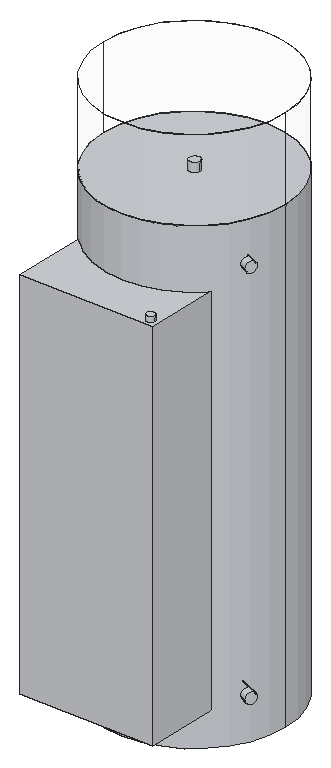
Revit family
Parameters (values of type "HS(Voltage)54 050 1 Phase")
  Wattage = KW * 1000 VA  # 54000 VA
  Water inlet length = Radius + 1"  # 11 7/8"
  VOLTAGE = 208 V
  Total Amps = KW * 1000 V / VOLTAGE  # 259.6154
  Top Clearance = 9 3/4"
  SES BIM Studio # = "201264902-41"
  URL = "http://www.lochinvar.com/products/Default.aspx?type=ProductLine&lineID=30"
  Panel Width = B_DIAMETER - 6"  # 15 3/4"
  Panel Depth = 13 7/8"
  Number of Poles = 2
  Model = "HS (X) 54 050"
  Manufacturer = "Lochinvar"
  MODEL NO. = "HS (Voltage) 54 050"
  KW = 54
  GALLON CAPACITY = "50"
  C_OVERALL DEPTH = 27"
  CONTINUOUS DELIVERY (GPH) = "221"
  B_DIAMETER = Radius * 2  # 21 3/4"
  A_HEIGHT = 55 3/4"
  Description = ""
  Fuel Type = ""
  Radius = 10 7/8"
  # OF ELEMENTS = "9"
Types (14): name | Wattage | Total Amps | Model | MODEL NO. | KW | CONTINUOUS DELIVERY (GPH) | # OF ELEMENTS
  (no name) | 54000 VA | 259.6154 | "HS (X) 54 050" | "HS (Voltage) 54 050" | 54 | "221" | "9"
  HS(Voltage)18 050 1 Phase | 18000 VA | 86.5385 | "HS (X) 18 050" | "HS (Voltage) 18 050" | 18 | "74" | "3"
  HS(Voltage)06 050 1 Phase | 6000 VA | 28.8462 | "HS (X) 6 050" | "HS (Voltage) 6 050" | 6 | "25" | "3"
  HS(Voltage)09 050 1 Phase | 9000 VA | 43.2692 | "HS (X) 9 050" | "HS (Voltage) 9 050" | 9 | "37" | "3"
  HS(Voltage)12 050 1 Phase | 12000 VA | 57.6923 | "HS (X) 12 050" | "HS (Voltage) 12 050" | 12 | "49" | "3"
  HS(Voltage)13.5 050 1 Phase | 13500 VA | 64.9038 | "HS (X) 13.5 050" | "HS (Voltage) 13.5 050" | 13.5 | "55" | "3"
  HS(Voltage)15 050 1 Phase | 15000 VA | 72.1154 | "HS (X) 15 050" | "HS (Voltage) 15 050" | 15 | "61" | "3"
  HS(Voltage)24 050 1 Phase | 24000 VA | 115.3846 | "HS (X) 24 050" | "HS (Voltage) 24 050" | 24 | "98" | "6"
  HS(Voltage)27 050 1 Phase | 27000 VA | 129.8077 | "HS (X) 27 050" | "HS (Voltage) 27 050" | 27 | "111" | "6"
  HS(Voltage)30 050 1 Phase | 30000 VA | 144.2308 | "HS (X) 30 050" | "HS (Voltage) 30 050" | 30 | "123" | "6"
  HS(Voltage)36 050 1 Phase | 36000 VA | 173.0769 | "HS (X) 36 050" | "HS (Voltage) 36 050" | 36 | "148" | "6"
  HS(Voltage)40 050 1 Phase | 40000 VA | 192.3077 | "HS (X) 40 050" | "HS (Voltage) 40 050" | 40 | "166" | "9"
  HS(Voltage)45 050 1 Phase | 45000 VA | 216.3462 | "HS (X) 45 050" | "HS (Voltage) 45 050" | 45 | "194" | "9"
  HS(Voltage)54 050 1 Phase | 54000 VA | 259.6154 | "HS (X) 54 050" | "HS (Voltage) 54 050" | 54 | "221" | "9"
Reference planes (in)
  plane 1 "Center (Front/Back)": y = 6.125
  plane 2: z = 0
  plane 3 "Center (Left/Right)": x = -1.39218
  plane 4 "Top": z = 55.75
  plane 5 "Top Clearance": z = 65.5
  plane 6 "Panel right": x = 6.48282
  plane 7 "Panel left": x = -9.26718
  plane 8 "Panel Face": y = -10
  plane 9: y = 17
  plane 10 "Panel top": z = 48.75
  plane 11 "Panel bottom": z = 4
  plane 12 "Water inlet anchor": through (-1.39218, 6.125, 48) normal (-0.9063, 0.4226, 0)
  plane 13 "Water inlet end": through (9.37023, 1.10641, 48) normal (-0.9063, 0.4226, 0)
  plane 14: through (-1.39218, 6.125, 48) normal (-0.9063, -0.4226, 0)
  plane 15: through (-12.15458, 1.10641, 48) normal (-0.9063, -0.4226, 0)
  plane 16: z = 5.25
Forms (in)
  Extrusion 1, solid
    sketch origin (0, 0, 0) x (1, 0, 0) y (0, 1, 0)
      loop
        circle (-1.39218, 6.125) r 10.875
    from 0 to 55.75
  Extrusion 2, solid, material "Clearance"
    sketch origin (0, 0, 55.75) x (-1, 0, 0) y (0, -1, 0)
      loop
        circle (1.39218, -6.125) r 10.875
    from 0 to 9.75
  Extrusion 3, solid
    sketch origin (-1.39218, 0, 0) x (0, 1, 0) y (0, 0, 1)
      loop
        line (6.125, 4) -> (6.125, 48.75) -> (-10, 48.75) -> (-10, 4) -> (6.125, 4)
    from 7.875 to -7.875
  Extrusion 4, solid
    sketch origin (0, 0, 55.75) x (-1, 0, 0) y (0, -1, 0)
      loop
        circle (1.39218, -6.125) r 0.625
    from 0 to 1
  Extrusion 5, solid
    sketch origin (0, 0, 48.75) x (-1, 0, 0) y (0, -1, 0)
      loop
        circle (-5.48282, 9) r 0.5
    from 0 to 0.5
  Extrusion 6, solid
    sketch origin (-4.99757, -2.51609, -1.07813) x (-0.422618, -0.906308, 0) y (0, 0, 1)
      loop
        circle (-9.35519, 6.3358) r 0.625
    from 0.38429 to -11.49071
  Extrusion 7, solid
    sketch origin (-0.30555, -3.58256, -1.07813) x (0.422618, -0.906308, 0) y (0, 0, -1)
      loop
        circle (-9.25727, -6.3358) r 0.625
    from 3.11777 to -8.75723
  Extrusion 8, solid
    sketch origin (-4.99757, -2.51609, 44.92188) x (-0.422618, -0.906308, 0) y (0, 0, 1)
      loop
        circle (-9.35519, 6.3358) r 0.625
    from 0.38429 to -11.49071
Lines and regions (in)
  model lines, style "MechanicalEquipment"
    curve 1: line (-5.39218, -10, 45.75) -> (2.60782, -10, 45.75)
    curve 2: line (2.60782, -10, 45.75) -> (2.60782, -10, 42.75)
    curve 3: line (-5.39218, -10, 42.75) -> (2.60782, -10, 42.75)
    curve 4: line (-5.39218, -10, 45.75) -> (-5.39218, -10, 42.75)
Dimensions and locks (in)
  "A_HEIGHT": plane 4 "Top" to level
  "Top Clearance": plane 5 "Top Clearance" to plane 4 "Top"
  equal spacing: plane 7 "Panel left", plane 3 "Center (Left/Right)", plane 6 "Panel right"
  "Panel Width": plane 7 "Panel left" to plane 6 "Panel right"
  "Radius": plane 9 to Extrusion 3
  "C_OVERALL DEPTH": plane 8 "Panel Face" to plane 9
  locked: plane 11 "Panel bottom" to plane 2 at 4
  "Water inlet length": plane 12 "Water inlet anchor" to plane 13 "Water inlet end"
  "Water inlet length": plane 14 to plane 15
  "Radius": radius of Extrusion 1 sketch curve
  "Radius": radius of Extrusion 2 sketch curve
  aligned and locked: plane 4 "Top" to Extrusion 1
  aligned and locked: plane 5 "Top Clearance" to Extrusion 2
  aligned and locked: plane 6 "Panel right" to Extrusion 3
  aligned and locked: Extrusion 3 to plane 7 "Panel left"
  aligned and locked: plane 8 "Panel Face" to Extrusion 3
  aligned and locked: Extrusion 3 to plane 1 "Center (Front/Back)"
  aligned and locked: plane 10 "Panel top" to Extrusion 3
  aligned and locked: Extrusion 3 to plane 11 "Panel bottom"
Automatic sketch dimensions
  plane 1 "Center (Front/Back)" to Extrusion 1 sketch curve = 0"
  Extrusion 1 sketch curve to plane 3 "Center (Left/Right)" = 0"
  plane 1 "Center (Front/Back)" to Extrusion 2 sketch curve = 0"
  Extrusion 2 sketch curve to plane 3 "Center (Left/Right)" = 0"
  Extrusion 3 sketch curve to plane 8 "Panel Face" = 0"
  Extrusion 3 sketch curve to plane 1 "Center (Front/Back)" = 0"
  Extrusion 3 sketch curve to plane 11 "Panel bottom" = 0"
  Extrusion 3 sketch curve to plane 10 "Panel top" = 0"
  plane 1 "Center (Front/Back)" to Extrusion 4 sketch curve = 0"
  Extrusion 4 sketch curve to plane 3 "Center (Left/Right)" = 0"
  Extrusion 5 sketch curve to plane 6 "Panel right" = 1"
  Extrusion 5 sketch curve to plane 8 "Panel Face" = 1"
  plane 16 to Extrusion 6 sketch curve = 0.00768"
  Extrusion 7 sketch curve to plane 16 = 0.00768"
  plane 7 "Panel left" to curve 4 = 3 7/8"
  curve 3 to plane 6 "Panel right" = 3 7/8"
  curve 3 to plane 10 "Panel top" = 6"
  curve 2 to plane 10 "Panel top" = 3"
  Extrusion 8 sketch curve to plane 4 "Top" = 4.49232"
  radius of Extrusion 4 sketch curve = 5/8"
  radius of Extrusion 5 sketch curve = 1/2"
  radius of Extrusion 6 sketch curve = 5/8"
  radius of Extrusion 7 sketch curve = 5/8"
  radius of Extrusion 8 sketch curve = 5/8"
Connectors (in)
  piping at (-1.39218, 6.125, 56.75)
    settings: on Extrusion 4, index 1, connector radius 5/8", flow factor 0, pipe flow 0 GPM, pressure drop 0.00 psi, fitting loss kfactor 0, connector angle 0.00°, fixture units 0, flow configuration 0, flow direction 0, fitting loss method 0, system type 19, connector reference index -1, connector utility 0, adjustable connector no, is connector primary yes, fitting loss table "", connector description "Water Outlet"
  piping at (-12.15458, 1.10641, 5.25768)
    settings: on Extrusion 7, index 5, connector radius 3/8", flow factor 0, pipe flow 0 GPM, pressure drop 0.00 psi, fitting loss kfactor 0, connector angle 0.00°, fixture units 0, flow configuration 1, flow direction 2, fitting loss method 0, system type 16, connector reference index -1, connector utility 0, adjustable connector no, is connector primary no, fitting loss table "", connector description ""
  piping at (9.37023, 1.10641, 5.25768)
    settings: on Extrusion 6, index 6, connector radius 5/8", flow factor 0, pipe flow 0 GPM, pressure drop 0.00 psi, fitting loss kfactor 0, connector angle 0.00°, fixture units 0, flow configuration 0, flow direction 1, fitting loss method 0, system type 20, connector reference index -1, connector utility 0, adjustable connector no, is connector primary no, fitting loss table "", connector description "Water Inlet"
  electrical at (5.48282, -9, 49.25), driven by "Wattage", driven by "VOLTAGE", driven by "Number of Poles"
    settings: on Extrusion 5, index 7, voltage 208 V, apparent load 54000 VA, apparent load phase1 0 VA, apparent load phase2 0 VA, apparent load phase3 0 VA, power factor 1, load classification "Other", number of poles 2, system type 30, power factor state 1, is connector primary yes, connector utility no, sub classification motor no, connector description "Electrical"
